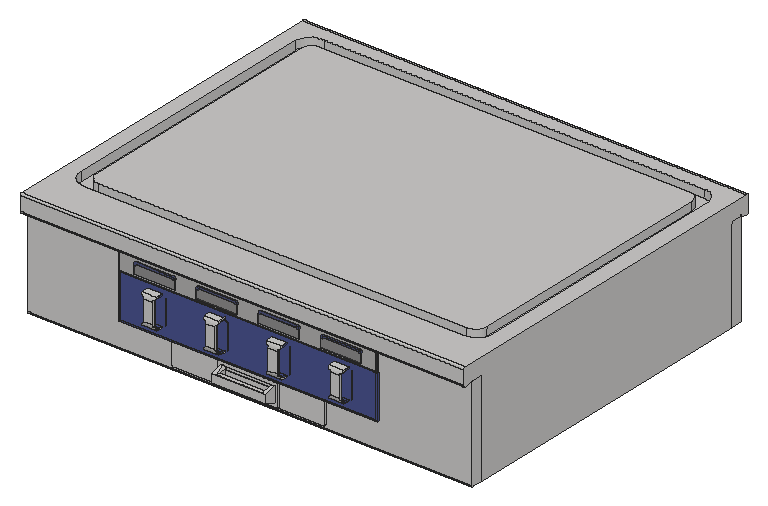
Revit family "QF_ELECTROLUXPROFESSIONAL_588009_MALDAAHOAO", category Specialty Equipment, Revit 2018
Family settings
  Round Connector Dimension = Use Diameter
  Part Type = Normal
  Work Plane-Based = No
  Always vertical = Yes
  Cut with Voids When Loaded = No
  Shared = No
  Room Calculation Point = No
Parameters
  Weight in Pounds = 253.5  # constant formula
  Watts = 12000 VA  # 12000 W
  Volts = 400 V  # constant formula
  URL Cutsheet = ""
  Type Mark [instance] = ""
  Status [instance] = ""
  Specification by User [instance] = ""
  Specification by Manufacturer = ""
  Show Clearance [instance] = yes
  Serial Number = ""
  Seismic Rating = ""
  SMACNA No = ""
  Revision Code [instance] = ""
  Phase = 3  # constant formula
  Omniclass Number and Title = ""
  Number of Poles [instance] = 1
  NAFEM Spec ID Number = ""
  Model = "588009"
  Min Ckt Ampacity = 0 A
  Max Overcurrent Protection = 0 A
  Masterspec = ""
  Manufacturer = "ELECTROLUX"
  Item Number [instance] = ""
  Installed By [instance] = ""
  Identify Quantity as Lot [instance] = yes
  HP = "16.1 HP"
  Furnished By [instance] = ""
  Foodservice Equipment Identifier [instance] = yes
  FL Amps [instance] = if(Phase = 3, Watts / (Volts * 1.73), Watts / Volts)  # 17.341 A
  Electrical Remarks = "400 V/3N ph/50/60 Hz"  # constant formula
  Electric Connection Type [instance] = ""
  Elec Conn RI Height [instance] = 0 mm
  Elec Conn Connection Height [instance] = 0 mm
  Direct Waste Size = 0"
  Description = "EL.SOLID TOP,4 ZONE,ECO,1S,1000X800X250H"
  Cycle [instance] = if([60 Hertz Option], 60 Hz, 50 Hz)  # 60 Hz
  Conn Plug = ""
  Conn Conduit = yes
  CSI MasterFormat = ""
  CSI Master Format = ""
  Back Panel [instance] = yes
  Apparent Power [instance] = if(Phase = 3, Volts * FL Amps * 1.73, Volts * FL Amps)  # 12000 VA
  60 Hertz Option [instance] = not([50 Hertz Option])  # yes
  50 Hertz Option [instance] = no
Reference planes
  plane 1 "BACK": y = 0
  plane 2: z = 0
  plane 3 "LEFT": x = 0
  plane 4 "RIGHT": x = 1000
  plane 5 "FRONT": y = -800
  plane 6 "TOP": z = 250
  plane 7: x = 500
  plane 8: y = -400
  plane 9: y = -1230
Forms (mm)
  Extrusion 1, solid, material "QF_Finishes_Stainless Steel"
    sketch origin (0, -487.128, 0) x (0, 1, 0) y (0, 0, 1)
      loop
        line (483.128, 250) -> (-308.872, 250)
        arc (-308.872, 250) -> (-311.7, 248.828) -> (-312.872, 246) r 4
        line (-312.872, 246) -> (-312.872, 214)
        arc (-312.872, 214) -> (-311.443, 210.936) -> (-308.177, 210.061) r 4
        line (-308.177, 210.061) -> (-291.509, 213) -> (-266.872, 213) -> (-266.872, 0) -> (441.128, 0) -> (441.128, 213) -> (465.765, 213) -> (482.433, 210.061)
        arc (482.433, 210.061) -> (485.699, 210.936) -> (487.128, 214) r 4
        line (487.128, 214) -> (487.128, 246)
        arc (487.128, 246) -> (485.956, 248.828) -> (483.128, 250) r 4
    from 0 to 1000
  Extrusion 2, solid, material "QF_Finishes_Stainless Steel", visible <- "Back Panel"
    sketch origin (0, 0, 0) x (0, 1, 0) y (0, 0, 1)
      loop
        line (-46, 0) -> (-20, 0) -> (-20, 215)
        arc (-20, 215) -> (-20.586, 213.586) -> (-22, 213) r 2
        line (-22, 213) -> (-46, 213) -> (-46, 0)
    from 0 to 1000
  Extrusion 3, void
    sketch origin (653.786, 44.048, 250) x (1, 0, 0) y (0, -1, 0)
      loop
        line (274.614, 755.048) -> (-582.186, 755.048)
        arc (-582.186, 755.048) -> (-608.349, 744.211) -> (-619.186, 718.048) r 37
        line (-619.186, 718.048) -> (-619.186, 115.648)
        arc (-619.186, 115.648) -> (-608.349, 89.485) -> (-582.186, 78.648) r 37
        line (-582.186, 78.648) -> (274.614, 78.648)
        arc (274.614, 78.648) -> (300.777, 89.485) -> (311.614, 115.648) r 37
        line (311.614, 115.648) -> (311.614, 718.048)
        arc (311.614, 718.048) -> (300.777, 744.211) -> (274.614, 755.048) r 37
    from 0 to 19.1
  Extrusion 4, solid, material "QF_Finishes_Stainless Steel"
    sketch origin (0, -754, 0) x (1, 0, 0) y (0, -1, 0)
      loop
        circle (955, -169) r 6.35
    from 0 to 3.2
  Extrusion 5, solid, material "QF_Finishes_Stainless Steel"
    sketch origin (653.786, 44.048, 230.9) x (1, 0, 0) y (0, 1, 0)
      loop
        line (260.814, -104.048) -> (-568.386, -104.048)
        arc (-568.386, -104.048) -> (-586.347, -111.488) -> (-593.786, -129.448) r 25.4
        line (-593.786, -129.448) -> (-593.786, -704.248)
        arc (-593.786, -704.248) -> (-586.347, -722.209) -> (-568.386, -729.648) r 25.4
        line (-568.386, -729.648) -> (260.814, -729.648)
        arc (260.814, -729.648) -> (278.774, -722.209) -> (286.214, -704.248) r 25.4
        line (286.214, -704.248) -> (286.214, -129.448)
        arc (286.214, -129.448) -> (278.774, -111.488) -> (260.814, -104.048) r 25.4
    from 0 to 19.1
  Extrusion 6, solid, material "QF_Door-Drawer Clearances", visible <- "Show Clearance", detail levels coarse
    sketch origin (537.31, -781.593, 8.62) x (0, 0, 1) y (-1, 0, 0)
      loop
        line (1.973, -134.295) -> (49.317, -134.295)
        arc (49.317, -134.295) -> (50.776, -133.691) -> (51.38, -132.232) r 2.063
        line (51.38, -132.232) -> (51.38, 206.852)
        arc (51.38, 206.852) -> (50.88, 208.549) -> (49.541, 209.705) r 3.133
        line (49.541, 209.705) -> (3.067, 209.705)
        arc (3.067, 209.705) -> (0.898, 208.807) -> (0, 206.638) r 3.067
        line (0, 206.638) -> (0, -132.322)
        arc (0, -132.322) -> (0.578, -133.717) -> (1.973, -134.295) r 1.973
    from 0 to 448.407
Cuts and joins
  Extrusion 3 cuts Extrusion 1
Lines and regions (mm)
  symbolic lines
    curve 1: line (0, 0, 0) -> (1000, 0, 0)
    curve 2: line (0, -800, 0) -> (0, 0, 0)
    curve 3: line (1000, -800, 0) -> (0, -800, 0)
    curve 4: line (1000, 0, 0) -> (1000, -800, 0)
    curve 16: line (914.6, -60, 0) -> (85.4, -60, 0)
    curve 17: arc (85.4, -60, 0) -> (67.439, -67.439, 0) -> (60, -85.4, 0) r 25.4
    curve 18: line (60, -85.4, 0) -> (60, -660.2, 0)
    curve 19: arc (60, -660.2, 0) -> (67.439, -678.161, 0) -> (85.4, -685.6, 0) r 25.4
    curve 20: line (85.4, -685.6, 0) -> (914.6, -685.6, 0)
    curve 21: arc (914.6, -685.6, 0) -> (932.561, -678.161, 0) -> (940, -660.2, 0) r 25.4
    curve 22: line (940, -660.2, 0) -> (940, -85.4, 0)
    curve 23: arc (940, -85.4, 0) -> (932.561, -67.439, 0) -> (914.6, -60, 0) r 25.4
    curve 24: line (273.641, -802.326, 0) -> (273.641, -800, 0)
    curve 25: spline (279.31, -803.73, 0) -> (278.831, -803.657, 0) -> (278.353, -803.575, 0) -> (277.876, -803.486, 0) -> (277.4, -803.389, 0) -> (276.925, -803.283, 0) -> (276.452, -803.17, 0) -> (275.98, -803.049, 0) -> (275.509, -802.92, 0) -> (275.039, -802.783, 0) -> (274.572, -802.638, 0) -> (274.105, -802.486, 0) -> (273.641, -802.326, 0)
    curve 26: line (305.857, -802.326, 0) -> (305.857, -800, 0)
    curve 27: spline (305.857, -802.326, 0) -> (305.392, -802.486, 0) -> (304.926, -802.638, 0) -> (304.458, -802.783, 0) -> (303.989, -802.92, 0) -> (303.518, -803.049, 0) -> (303.046, -803.17, 0) -> (302.572, -803.283, 0) -> (302.098, -803.389, 0) -> (301.622, -803.486, 0) -> (301.145, -803.575, 0) -> (300.667, -803.657, 0) -> (300.188, -803.73, 0)
    curve 28: line (279.31, -803.73, 0) -> (300.188, -803.73, 0)
    curve 29: line (413.892, -802.326, 0) -> (413.892, -800, 0)
    curve 30: spline (419.561, -803.73, 0) -> (419.082, -803.657, 0) -> (418.604, -803.575, 0) -> (418.127, -803.486, 0) -> (417.651, -803.389, 0) -> (417.177, -803.283, 0) -> (416.703, -803.17, 0) -> (416.231, -803.049, 0) -> (415.76, -802.92, 0) -> (415.29, -802.783, 0) -> (414.823, -802.638, 0) -> (414.357, -802.486, 0) -> (413.892, -802.326, 0)
    curve 31: line (446.108, -802.326, 0) -> (446.108, -800, 0)
    curve 32: spline (446.108, -802.326, 0) -> (445.643, -802.486, 0) -> (445.177, -802.638, 0) -> (444.71, -802.783, 0) -> (444.24, -802.92, 0) -> (443.769, -803.049, 0) -> (443.297, -803.17, 0) -> (442.823, -803.283, 0) -> (442.349, -803.389, 0) -> (441.873, -803.486, 0) -> (441.396, -803.575, 0) -> (440.918, -803.657, 0) -> (440.439, -803.73, 0)
    curve 33: line (419.561, -803.73, 0) -> (440.439, -803.73, 0)
    curve 34: line (726.359, -802.326, 0) -> (726.359, -800, 0)
    curve 35: spline (720.69, -803.73, 0) -> (721.169, -803.657, 0) -> (721.647, -803.575, 0) -> (722.124, -803.486, 0) -> (722.6, -803.389, 0) -> (723.075, -803.283, 0) -> (723.548, -803.17, 0) -> (724.02, -803.049, 0) -> (724.491, -802.92, 0) -> (724.961, -802.783, 0) -> (725.428, -802.638, 0) -> (725.895, -802.486, 0) -> (726.359, -802.326, 0)
    curve 36: line (694.143, -802.326, 0) -> (694.143, -800, 0)
    curve 37: spline (694.143, -802.326, 0) -> (694.608, -802.486, 0) -> (695.074, -802.638, 0) -> (695.542, -802.783, 0) -> (696.011, -802.92, 0) -> (696.482, -803.049, 0) -> (696.954, -803.17, 0) -> (697.428, -803.283, 0) -> (697.902, -803.389, 0) -> (698.378, -803.486, 0) -> (698.855, -803.575, 0) -> (699.333, -803.657, 0) -> (699.812, -803.73, 0)
    curve 38: line (720.69, -803.73, 0) -> (699.812, -803.73, 0)
    curve 39: line (586.108, -802.326, 0) -> (586.108, -800, 0)
    curve 40: spline (580.439, -803.73, 0) -> (580.918, -803.657, 0) -> (581.396, -803.575, 0) -> (581.873, -803.486, 0) -> (582.349, -803.389, 0) -> (582.823, -803.283, 0) -> (583.297, -803.17, 0) -> (583.769, -803.049, 0) -> (584.24, -802.92, 0) -> (584.71, -802.783, 0) -> (585.177, -802.638, 0) -> (585.643, -802.486, 0) -> (586.108, -802.326, 0)
    curve 41: line (553.892, -802.326, 0) -> (553.892, -800, 0)
    curve 42: spline (553.892, -802.326, 0) -> (554.357, -802.486, 0) -> (554.823, -802.638, 0) -> (555.29, -802.783, 0) -> (555.76, -802.92, 0) -> (556.231, -803.049, 0) -> (556.703, -803.17, 0) -> (557.177, -803.283, 0) -> (557.651, -803.389, 0) -> (558.127, -803.486, 0) -> (558.604, -803.575, 0) -> (559.082, -803.657, 0) -> (559.561, -803.73, 0)
    curve 43: line (580.439, -803.73, 0) -> (559.561, -803.73, 0)
    curve 44: line (446.108, -800, 0) -> (447.685, -808.767, 0)
    curve 45: line (447.685, -808.767, 0) -> (550.042, -808.767, 0)
    curve 46: line (550.042, -808.767, 0) -> (551.62, -800, 0)
  symbolic lines, style "QF_Door-Drawer Clearances"
    curve 5: line (327.605, -1230, 0) -> (327.605, -800, 0)
    curve 6: line (327.605, -1230, 0) -> (671.605, -1230, 0)
    curve 7: line (671.605, -1230, 0) -> (671.605, -800, 0)
  symbolic lines, style "SpecialityEquipment"
    curve 8: line (71.6, -34.6, 0) -> (928.4, -34.6, 0)
    curve 9: arc (928.4, -34.6, 0) -> (954.563, -45.437, 0) -> (965.4, -71.6, 0) r 37
    curve 10: line (965.4, -71.6, 0) -> (965.4, -672.524, 0)
    curve 11: arc (965.4, -672.524, 0) -> (954.131, -699.731, 0) -> (926.924, -711, 0) r 38.476
    curve 12: line (926.924, -711, 0) -> (71.6, -711, 0)
    curve 13: arc (71.6, -711, 0) -> (45.437, -700.163, 0) -> (34.6, -674, 0) r 37
    curve 14: line (34.6, -674, 0) -> (34.6, -71.6, 0)
    curve 15: arc (34.6, -71.6, 0) -> (45.437, -45.437, 0) -> (71.6, -34.6, 0) r 37
Dimensions and locks
  plane 3 "LEFT" to plane 4 "RIGHT" = 1000 mm
  plane 5 "FRONT" to plane 1 "BACK" = 800 mm
  equal spacing: plane 3 "LEFT", plane 7, plane 4 "RIGHT"
  equal spacing: plane 5 "FRONT", plane 8, plane 1 "BACK"
  plane 6 "TOP" to level = 250 mm  (x2)
  plane 1 "BACK" to plane 5 "FRONT" = 800 mm
  Extrusion 4 sketch curve to plane 1 "BACK" = 585 mm
  Extrusion 4 sketch curve to plane 4 "RIGHT" = 45 mm
  locked: plane 5 "FRONT" to plane 9 at 430
  aligned and locked: level to plane 2
  aligned and locked: cut or joined group of Extrusion 1, Extrusion 3 to plane 4 "RIGHT"
  aligned and locked: Extrusion 2 to plane 4 "RIGHT"
  aligned and locked: plane 7 to nested 1
Automatic sketch dimensions
  Extrusion 2 sketch curve to Extrusion 2 sketch curve = 26 mm
  plane 1 "BACK" to Extrusion 2 sketch curve = 22 mm
  Extrusion 2 sketch curve to Extrusion 2 sketch curve = 2 mm
  level to Extrusion 2 sketch curve = 213 mm
  Extrusion 1 sketch curve to plane 5 "FRONT" = 0 mm
  Extrusion 1 sketch curve to plane 6 "TOP" = 0 mm
  Extrusion 1 sketch curve to level = 0 mm
  Extrusion 1 sketch curve to plane 1 "BACK" = 0 mm
  Extrusion 1 sketch curve to plane 6 "TOP" = 37 mm  (x2)
  Extrusion 1 sketch curve to plane 5 "FRONT" = 4 mm
  Extrusion 1 sketch curve to plane 5 "FRONT" = 21.363 mm
  Extrusion 1 sketch curve to plane 5 "FRONT" = 46 mm
  plane 1 "BACK" to Extrusion 1 sketch curve = 21.363 mm
  plane 1 "BACK" to Extrusion 1 sketch curve = 4 mm  (x2)
  Extrusion 1 sketch curve to Extrusion 1 sketch curve = 4 mm
  Extrusion 1 sketch curve to Extrusion 1 sketch curve = 0.695 mm
  Extrusion 1 sketch curve to Extrusion 1 sketch curve = 0 mm  (x4)
  plane 1 "BACK" to Extrusion 1 sketch curve = 4.695 mm
  Extrusion 1 sketch curve to Extrusion 1 sketch curve = 1 mm  (x2)
  plane 1 "BACK" to Extrusion 1 sketch curve = 46 mm
  plane 5 "FRONT" to curve 5 = 0 mm
  plane 5 "FRONT" to curve 7 = 0 mm
  plane 3 "LEFT" to curve 5 = 327.605 mm
  plane 7 to curve 7 = 171.605 mm
  curve 5 to curve 5 = 430 mm
  level to Extrusion 6 sketch curve = 8.62 mm
  level to Extrusion 6 sketch curve = 57.937 mm
  plane 7 to Extrusion 6 sketch curve = 171.605 mm
  Extrusion 6 sketch curve to Extrusion 6 sketch curve = 1.973 mm
  Extrusion 6 sketch curve to Extrusion 6 sketch curve = 3.067 mm
  Extrusion 6 sketch curve to Extrusion 6 sketch curve = 46.474 mm
  Extrusion 6 sketch curve to Extrusion 6 sketch curve = 2.063 mm
  Extrusion 6 sketch curve to Extrusion 6 sketch curve = 3.133 mm
  plane 3 "LEFT" to Extrusion 6 sketch curve = 330.672 mm
  plane 3 "LEFT" to curve 14 = 34.6 mm
  curve 14 to curve 18 = 25.4 mm
  curve 17 to curve 15 = 11.6 mm
  curve 19 to curve 13 = 11.6 mm
  curve 13 to curve 19 = 13.8 mm
  curve 15 to curve 17 = 13.8 mm
  plane 7 to curve 16 = 414.6 mm
  plane 7 to curve 21 = 414.6 mm
  curve 20 to curve 12 = 12.324 mm
  curve 16 to curve 9 = 13.8 mm
  curve 9 to curve 23 = 11.6 mm  (x2)
  curve 13 to plane 5 "FRONT" = 89 mm
  curve 20 to curve 11 = 13.076 mm
  plane 1 "BACK" to curve 23 = 85.4 mm
  curve 18 to curve 14 = 13.8 mm
  Extrusion 1 to Extrusion 3 sketch curve = 34.6 mm  (x2)
  Extrusion 1 to Extrusion 3 sketch curve = 85 mm
  Extrusion 3 sketch curve to Extrusion 3 sketch curve = 37 mm  (x4)
  Extrusion 1 to Extrusion 3 sketch curve = 30.6 mm
  Extrusion 5 sketch curve to Extrusion 3 = 25.4 mm  (x4)
  Extrusion 5 sketch curve to Extrusion 5 sketch curve = 25.4 mm  (x4)
  plane 1 "BACK" to curve 1 = 0 mm
  curve 1 to plane 4 "RIGHT" = 0 mm
  curve 3 to plane 3 "LEFT" = 0 mm
  plane 5 "FRONT" to curve 3 = 0 mm
  plane 7 to curve 34 = 226.359 mm
  curve 34 to curve 35 = 5.669 mm
  curve 35 to curve 35 = 4.17 mm
  curve 35 to curve 37 = 12.538 mm
  curve 37 to curve 37 = 4.17 mm
  curve 38 to curve 36 = 5.669 mm
  plane 7 to curve 39 = 86.108 mm
  curve 39 to curve 40 = 5.669 mm
  curve 40 to curve 40 = 4.17 mm
  curve 40 to curve 42 = 12.538 mm
  curve 42 to curve 43 = 4.17 mm
  curve 42 to curve 41 = 5.669 mm
  curve 41 to curve 46 = 2.272 mm
  curve 42 to curve 45 = 3.85 mm
  curve 45 to plane 7 = 52.315 mm
  curve 44 to curve 32 = 1.578 mm
  curve 31 to curve 32 = 5.669 mm
  curve 31 to curve 32 = 9.839 mm
  curve 32 to curve 30 = 12.538 mm
  curve 30 to curve 30 = 4.17 mm
  curve 30 to curve 30 = 5.669 mm
  curve 29 to curve 26 = 108.035 mm
  curve 26 to curve 28 = 5.669 mm
  curve 27 to curve 27 = 4.17 mm
  curve 27 to curve 25 = 12.538 mm
  curve 25 to curve 25 = 4.17 mm
  curve 25 to curve 24 = 5.669 mm
  curve 32 to plane 5 "FRONT" = 39.101 mm
  curve 35 to curve 34 = 39.101 mm
  curve 25 to plane 5 "FRONT" = 39.101 mm
  curve 42 to plane 5 "FRONT" = 39.101 mm
  curve 30 to curve 32 = 0 mm
  curve 42 to curve 40 = 0 mm
  curve 37 to curve 35 = 0 mm
  curve 25 to curve 27 = 0 mm
  curve 29 to curve 30 = 2.326 mm
  curve 31 to curve 31 = 2.326 mm
  curve 39 to curve 40 = 2.326 mm
  curve 26 to curve 26 = 2.326 mm
  curve 36 to curve 37 = 2.326 mm
  curve 41 to curve 42 = 2.326 mm
  curve 34 to curve 35 = 1.405 mm
  curve 39 to curve 43 = 1.405 mm
  curve 26 to curve 27 = 1.405 mm
  curve 24 to curve 28 = 1.405 mm
  curve 36 to curve 37 = 1.405 mm
  curve 29 to curve 33 = 1.405 mm
  curve 42 to curve 45 = 6.441 mm
  Extrusion 2 sketch curve to level = 0 mm
  radius of Extrusion 4 sketch curve = 6.35 mm
Nested families
  nested 1: "EST_800_1000 Front Panel Four Controls" at (-100, -754, -650), type "EST_800_1000 Front Panel Four Controls"
Connectors
  electrical at (955, -585, -3.2), driven by "Volts", driven by "Watts"
    settings: on Extrusion 4, index 1, voltage 400 V, apparent load 12000 VA, apparent load phase1 0 VA, apparent load phase2 0 VA, apparent load phase3 0 VA, power factor 1, load classification "Other", number of poles 1, system type 30, power factor state 1, is connector primary yes, connector utility no, sub classification motor no, connector description "ELECTRICAL CONNECTION"
Definition of nested family "EST_800_1000 Front Panel Four Controls"
  Parameters
    Keynote = ""
  Reference planes
    plane 1 "Center (Front/Back)": y = 0
    plane 2: z = 0
    plane 3 "Center (Left/Right)": x = 100
    plane 4: x = 600
    plane 5: x = 389.749
    plane 6: x = 530
    plane 7: x = 670.079
    plane 8: x = 809.948
  Forms (mm)
    Extrusion 1, void
      sketch origin (1213.217, 829.203, -1.25) x (1, 0, 0) y (0, 0, 1)
        loop
          line (-321.217, 853.25) -> (-905.217, 853.25) -> (-905.217, 711.25) -> (-321.217, 711.25) -> (-321.217, 853.25)
      from 843.409 to 854.203
    Extrusion 2, solid
      sketch origin (1133.217, 829.203, -1.25) x (0, 1, 0) y (0, 0, 1)
        loop
          arc (-854.203, 654.25) -> (-853.324, 652.129) -> (-851.203, 651.25) r 3
          line (-851.203, 651.25) -> (-829.203, 651.25) -> (-829.203, 864.25) -> (-854.203, 864.25) -> (-854.203, 654.25)
      from -1033.217 to -33.217
  Dimensions and locks
    aligned and locked: plane 4 to nested 6
  Nested families
    nested 1: "1200 Glass Panel with Four Reads" at (308, -30, 5.811), type "1200 Glass Panel with Four Reads"
    nested 2: "Sml  Range Control Handle" at (389.749, -26.645, -204.867), type "Sml  Range Control Handle"
    nested 3: "Sml  Range Control Handle" at (529.638, -26.645, -204.867), type "Sml  Range Control Handle"
    nested 4: "Sml  Range Control Handle" at (670.079, -26.645, -204.867), type "Sml  Range Control Handle"
    nested 5: "Sml  Range Control Handle" at (810.079, -26.645, -204.867), type "Sml  Range Control Handle"
    nested 6: "grease trap door1" at (667.599, -25, 0.608) x (-1, 0, 0) z (0, 0, 1), type "grease trap door"
  Definition of nested family "1200 Glass Panel with Four Reads"
    Reference planes
      plane 1 "Center (Front/Back)": y = 0
      plane 2: z = 0
      plane 3 "Center (Left/Right)": x = 0
      plane 4: x = 584
      plane 5: x = 581.091
      plane 6 "Top": z = 846.189
      plane 7 "Center": x = 292
    Forms (mm)
      Extrusion 1, solid
        sketch origin (550.286, 304.8, -4.308) x (1, 0, 0) y (0, 0, 1)
          loop
            line (-550.286, 806.791) -> (-550.286, 708.497) -> (33.714, 708.497) -> (33.714, 806.791) -> (-550.286, 806.791)
        from 300.031 to 304.8
      Extrusion 2, solid
        sketch origin (550.286, 304.8, -4.308) x (1, 0, 0) y (0, 0, 1)
          loop
            line (-550.286, 850.497) -> (-550.286, 806.791) -> (33.714, 806.791) -> (33.714, 850.497) -> (-550.286, 850.497)
        from 300.031 to 304.8
      Extrusion 3, void
        sketch origin (550.286, 304.8, -4.308) x (1, 0, 0) y (0, 0, 1)
          loop
            line (-547.628, 847.565) -> (-547.628, 710.699) -> (30.804, 710.699) -> (30.804, 847.565) -> (-547.628, 847.565)
        from 303.697 to 304.8
      Extrusion 4, solid, not visible
        sketch origin (550.286, 305.901, -4.308) x (1, 0, 0) y (0, 0, 1)
          loop
            line (-153.041, 812.62) -> (-153.041, 834.177) -> (-157.775, 834.177) -> (-159.574, 835.977) -> (-238.324, 835.977) -> (-240.124, 834.177) -> (-245.041, 834.177) -> (-245.041, 812.62) -> (-153.041, 812.62)
        from 304.798 to 306.745
      Extrusion 5, solid, not visible
        sketch origin (550.286, 305.901, -4.308) x (1, 0, 0) y (0, 0, 1)
          loop
            line (-240.027, 834.177) -> (-238.227, 835.977) -> (-159.594, 835.977) -> (-157.794, 834.177) -> (-153.083, 834.177)
            arc (-153.083, 834.177) -> (-154.26, 838.752) -> (-158.535, 840.763) r 5.549
            line (-158.535, 840.763) -> (-239.444, 840.763)
            arc (-239.444, 840.763) -> (-243.699, 838.747) -> (-244.835, 834.177) r 5.5
            line (-244.835, 834.177) -> (-240.027, 834.177)
        from 304.798 to 306.745
      Extrusion 6, solid
        sketch origin (700.989, 305.901, -4.308) x (1, 0, 0) y (0, 0, 1)
          loop
            line (-153.041, 812.62) -> (-153.041, 834.177) -> (-157.775, 834.177) -> (-159.574, 835.977) -> (-238.324, 835.977) -> (-240.124, 834.177) -> (-245.041, 834.177) -> (-245.041, 812.62) -> (-153.041, 812.62)
        from 304.798 to 306.745
      Extrusion 7, solid
        sketch origin (700.989, 305.901, -4.308) x (1, 0, 0) y (0, 0, 1)
          loop
            line (-240.027, 834.177) -> (-238.227, 835.977) -> (-159.594, 835.977) -> (-157.794, 834.177) -> (-153.083, 834.177)
            arc (-153.083, 834.177) -> (-154.26, 838.752) -> (-158.535, 840.763) r 5.549
            line (-158.535, 840.763) -> (-239.444, 840.763)
            arc (-239.444, 840.763) -> (-243.699, 838.747) -> (-244.835, 834.177) r 5.5
            line (-244.835, 834.177) -> (-240.027, 834.177)
        from 304.798 to 306.745
      Extrusion 8, solid
        sketch origin (560.989, 305.901, -4.308) x (1, 0, 0) y (0, 0, 1)
          loop
            line (-153.041, 812.62) -> (-153.041, 834.177) -> (-157.775, 834.177) -> (-159.574, 835.977) -> (-238.324, 835.977) -> (-240.124, 834.177) -> (-245.041, 834.177) -> (-245.041, 812.62) -> (-153.041, 812.62)
        from 304.798 to 306.745
      Extrusion 9, solid
        sketch origin (560.989, 305.901, -4.308) x (1, 0, 0) y (0, 0, 1)
          loop
            line (-240.027, 834.177) -> (-238.227, 835.977) -> (-159.594, 835.977) -> (-157.794, 834.177) -> (-153.083, 834.177)
            arc (-153.083, 834.177) -> (-154.26, 838.752) -> (-158.535, 840.763) r 5.549
            line (-158.535, 840.763) -> (-239.444, 840.763)
            arc (-239.444, 840.763) -> (-243.699, 838.747) -> (-244.835, 834.177) r 5.5
            line (-244.835, 834.177) -> (-240.027, 834.177)
        from 304.798 to 306.745
      Extrusion 10, solid
        sketch origin (700.989, 305.901, -4.308) x (1, 0, 0) y (0, 0, 1)
          loop
            line (-665.188, 812.62) -> (-573.188, 812.62) -> (-573.188, 834.177) -> (-578.105, 834.177) -> (-579.905, 835.977) -> (-658.655, 835.977) -> (-660.455, 834.177) -> (-665.188, 834.177) -> (-665.188, 812.62)
        from 304.798 to 306.745
      Extrusion 11, solid
        sketch origin (700.989, 305.901, -4.308) x (1, 0, 0) y (0, 0, 1)
          loop
            line (-578.203, 834.177) -> (-573.394, 834.177)
            arc (-573.394, 834.177) -> (-574.53, 838.747) -> (-578.786, 840.763) r 5.5
            line (-578.786, 840.763) -> (-659.695, 840.763)
            arc (-659.695, 840.763) -> (-663.97, 838.752) -> (-665.146, 834.177) r 5.549
            line (-665.146, 834.177) -> (-660.435, 834.177) -> (-658.636, 835.977) -> (-580.003, 835.977) -> (-578.203, 834.177)
        from 304.798 to 306.745
      Extrusion 12, solid
        sketch origin (560.989, 305.901, -4.308) x (1, 0, 0) y (0, 0, 1)
          loop
            line (-385.188, 812.62) -> (-293.188, 812.62) -> (-293.188, 834.177) -> (-298.105, 834.177) -> (-299.905, 835.977) -> (-378.655, 835.977) -> (-380.455, 834.177) -> (-385.188, 834.177) -> (-385.188, 812.62)
        from 304.798 to 306.745
      Extrusion 13, solid
        sketch origin (560.989, 305.901, -4.308) x (1, 0, 0) y (0, 0, 1)
          loop
            line (-298.203, 834.177) -> (-293.394, 834.177)
            arc (-293.394, 834.177) -> (-294.53, 838.747) -> (-298.786, 840.763) r 5.5
            line (-298.786, 840.763) -> (-379.695, 840.763)
            arc (-379.695, 840.763) -> (-383.97, 838.752) -> (-385.146, 834.177) r 5.549
            line (-385.146, 834.177) -> (-380.435, 834.177) -> (-378.636, 835.977) -> (-300.003, 835.977) -> (-298.203, 834.177)
        from 304.798 to 306.745
    Cuts and joins
      Extrusion 3 cuts Extrusion 1
      Extrusion 3 cuts Extrusion 2
    Lines and regions (mm)
      symbolic lines
        curve 1: line (0, 4.769, 0) -> (584, 4.769, 0)
    Dimensions and locks
      aligned and locked: Extrusion 1 to Extrusion 2
      aligned and locked: Extrusion 6 to Extrusion 7
      aligned and locked: Extrusion 8 to Extrusion 9
      aligned and locked: Extrusion 10 to Extrusion 11
      aligned and locked: Extrusion 12 to Extrusion 13
  Definition of nested family "Sml  Range Control Handle"
    Reference planes
      plane 1 "Center (Front/Back)": y = 0
      plane 2: z = 0
      plane 3 "Center (Left/Right)": x = 0
      plane 4: z = 971.092
    Forms (mm)
      Extrusion 1, solid
        sketch origin (-746.28, 380.497, 208.931) x (-1, 0, 0) y (0, 0, 1)
          loop
            line (-770.101, 786.798) -> (-770.101, 731.649)
            arc (-770.101, 731.649) -> (-769.759, 730.563) -> (-768.855, 729.87) r 1.893
            line (-768.855, 729.87) -> (-763.474, 727.911) -> (-729.81, 727.911) -> (-724.428, 729.87)
            arc (-724.428, 729.87) -> (-723.525, 730.563) -> (-723.183, 731.649) r 1.893
            line (-723.183, 731.649) -> (-723.183, 786.798)
            arc (-723.183, 786.798) -> (-723.529, 787.894) -> (-724.44, 788.593) r 1.91
            line (-724.44, 788.593) -> (-729.683, 790.819) -> (-763.601, 790.819) -> (-768.844, 788.593)
            arc (-768.844, 788.593) -> (-769.755, 787.894) -> (-770.101, 786.798) r 1.91
        from -382.35 to -378.852
      Sweep 2, solid
        path origin (-746.788, 380.496, 208.091) x (0, -1, 0) y (0, 0, 1)
          loop
            line (379.775, 793.281) -> (395.661, 791.048)
            arc (395.661, 791.048) -> (397.781, 787.377) -> (398.517, 783.202) r 12.207
            line (398.517, 783.202) -> (398.517, 737.368)
            arc (398.517, 737.368) -> (397.781, 733.193) -> (395.661, 729.522) r 12.207
            line (395.661, 729.522) -> (379.775, 727.289)
        profile origin (-746.788, -7.222, 1000.256) x (0, -0.139173, 0.990268) y (-1, 0, 0)
          loop
            line (0.782, -763.123) -> (0.782, -730.907) -> (-1.322, -730.907) -> (-1.322, -763.123) -> (0.782, -763.123)
      Sweep 3, solid
        path origin (-746.788, 380.715, 207.832) x (0, -1, 0) y (0, 0, 1)
          loop
            line (380.478, 795.442) -> (397.218, 793.09)
            arc (397.218, 793.09) -> (399.929, 788.473) -> (400.871, 783.202) r 15.207
            line (400.871, 783.202) -> (400.871, 737.584)
            arc (400.871, 737.584) -> (399.914, 732.274) -> (397.164, 727.633) r 15.207
            line (397.164, 727.633) -> (380.601, 725.305)
        profile origin (-746.788, -8.132, 1002.099) x (0, -0.139173, 0.990268) y (-1, 0, 0)
          loop
            line (0.782, -763.123) -> (0.782, -730.907) -> (-1.322, -730.907) -> (-1.322, -763.123) -> (0.782, -763.123)
      Extrusion 4, void
        sketch origin (889.253, 220.666, 207.993) x (1, 0, 0) y (0, 0, 1)
          loop
            line (-943.038, 816.854) -> (-943.038, 703.686) -> (-899.466, 734.196) -> (-899.466, 786.344) -> (-943.038, 816.854)
        from 230.636 to 242.25
      Extrusion 5, void
        sketch origin (-888.8, 220.666, 207.993) x (-1, 0, 0) y (0, 0, -1)
          loop
            line (-943.038, -816.854) -> (-899.466, -786.344) -> (-899.466, -734.196) -> (-943.038, -703.686) -> (-943.038, -816.854)
        from 230.636 to 242.25
      Extrusion 6, solid
        sketch origin (0, 0, 0) x (1, 0, 0) y (0, 0, 1)
          loop
            circle (0, 971.092) r 7.736
        from -3.137 to -1.645
    Cuts and joins
      Extrusion 4, Extrusion 5 cuts Sweep 3
      Extrusion 4, Extrusion 5 cuts Sweep 2
      joined: Extrusion 1, Extrusion 6
    Lines and regions (mm)
      symbolic lines
        curve 1: line (23.821, 1.645, 0) -> (-23.097, 1.645, 0)
        curve 2: line (16.334, -1.853, 0) -> (23.821, -1.853, 0)
        curve 3: line (-15.881, -19.189, 0) -> (-15.881, -1.853, 0)
        curve 4: line (-23.097, -1.853, 0) -> (-15.881, -1.853, 0)
        curve 5: line (16.334, -19.189, 0) -> (16.334, -1.853, 0)
        curve 6: spline (-15.881, -19.189, 0) -> (-15.417, -19.349, 0) -> (-14.951, -19.501, 0) -> (-14.483, -19.646, 0) -> (-14.014, -19.783, 0) -> (-13.543, -19.912, 0) -> (-13.071, -20.033, 0) -> (-12.597, -20.146, 0) -> (-12.122, -20.251, 0) -> (-11.646, -20.349, 0) -> (-11.169, -20.438, 0) -> (-10.691, -20.52, 0) -> (-10.213, -20.593, 0)
        curve 7: spline (10.666, -20.593, 0) -> (11.144, -20.52, 0) -> (11.622, -20.438, 0) -> (12.099, -20.349, 0) -> (12.575, -20.251, 0) -> (13.05, -20.146, 0) -> (13.524, -20.033, 0) -> (13.996, -19.912, 0) -> (14.467, -19.783, 0) -> (14.936, -19.646, 0) -> (15.404, -19.501, 0) -> (15.87, -19.349, 0) -> (16.334, -19.189, 0)
        curve 8: line (-10.213, -20.938, 0) -> (10.716, -20.938, 0)
        curve 9: line (-23.097, 1.645, 0) -> (-23.097, -1.853, 0)
        curve 10: line (23.821, 1.645, 0) -> (23.821, -1.853, 0)
    Dimensions and locks
      cut or joined group of Sweep 3, Extrusion 4, Extrusion 5 to cut or joined group of Sweep 3, Extrusion 4, Extrusion 5 = 71.686 mm
  Definition of nested family "grease trap door1"
    Reference planes
      plane 1 "Center (Front/Back)": y = 0
      plane 2: z = 0
      plane 3 "Center (Left/Right)": x = 0
    Forms (mm)
      Extrusion 1, solid
        sketch origin (1627.55, 854.203, -1.25) x (1, 0, 0) y (0, 0, 1)
          loop
            arc (-1627.55, 661.235) -> (-1626.972, 659.84) -> (-1625.577, 659.262) r 1.973
            line (-1625.577, 659.262) -> (-1494.325, 659.262)
            arc (-1494.325, 659.262) -> (-1492.156, 660.16) -> (-1491.258, 662.329) r 3.067
            line (-1491.258, 662.329) -> (-1491.258, 708.803)
            arc (-1491.258, 708.803) -> (-1492.414, 710.143) -> (-1494.111, 710.642) r 3.133
            line (-1494.111, 710.642) -> (-1625.486, 710.642)
            arc (-1625.486, 710.642) -> (-1626.945, 710.038) -> (-1627.55, 708.579) r 2.063
            line (-1627.55, 708.579) -> (-1627.55, 661.235)
        from 856.795 to 859.203
      Extrusion 2, solid
        sketch origin (445.874, 2476.61, 0) x (0, 1, 0) y (0, 0, 1)
          loop
            line (-2506.377, 675.273) -> (-2481.61, 667.505) -> (-2481.61, 700.995) -> (-2506.377, 693.227) -> (-2506.377, 675.273)
        from -437.68 to -317.68
      Extrusion 3, void
        sketch origin (1627.55, 854.203, -1.25) x (1, 0, 0) y (0, 0, 1)
          loop
            line (-1614.883, 703) -> (-1610.542, 695.433) -> (-1508.17, 695.433) -> (-1503.828, 703) -> (-1614.883, 703)
          loop
            line (-1614.883, 668) -> (-1502.669, 668) -> (-1507.01, 675.567) -> (-1610.542, 675.567) -> (-1614.883, 668)
        from 832.916 to 883.97
      Extrusion 4, void
        sketch origin (447.55, 854.203, -1.25) x (1, 0, 0) y (0, 0, 1)
          loop
            line (-430.542, 695.433) -> (-430.542, 675.567) -> (-328.17, 675.567) -> (-328.17, 695.433) -> (-430.542, 695.433)
        from 859.203 to 874.202
      Extrusion 5, solid
        sketch origin (1627.55, 854.203, -1.25) x (1, 0, 0) y (0, 0, 1)
          loop
            arc (-1731.556, 661.235) -> (-1730.978, 659.84) -> (-1729.583, 659.262) r 1.973
            line (-1729.583, 659.262) -> (-1390.623, 659.262)
            arc (-1390.623, 659.262) -> (-1388.454, 660.16) -> (-1387.556, 662.329) r 3.067
            line (-1387.556, 662.329) -> (-1387.556, 708.803)
            arc (-1387.556, 708.803) -> (-1388.712, 710.143) -> (-1390.409, 710.642) r 3.133
            line (-1390.409, 710.642) -> (-1729.493, 710.642)
            arc (-1729.493, 710.642) -> (-1730.952, 710.038) -> (-1731.556, 708.579) r 2.063
            line (-1731.556, 708.579) -> (-1731.556, 661.235)
        from 854.203 to 856.795
    Cuts and joins
      Extrusion 3 cuts Extrusion 1
      Extrusion 3, Extrusion 4 cuts Extrusion 2
      joined: Extrusion 1, Extrusion 2
    Lines and regions (mm)
      symbolic lines
        curve 1: line (0, -2.593, 0) -> (136.292, -2.593, 0)
        curve 2: line (17.557, -29.767, 0) -> (12.667, -2.593, 0)
        curve 3: line (17.557, -29.767, 0) -> (119.991, -29.767, 0)
        curve 4: line (119.991, -29.767, 0) -> (124.881, -2.593, 0)
        curve 5: line (68.146, -2.593, 0) -> (68.146, -29.767, 0)
      model lines
        curve 6: line (67.599, 0, 658.012) -> (67.599, 0, 709.392)
    Dimensions and locks
      aligned and locked: Extrusion 2 to Extrusion 1
      aligned and locked: Extrusion 3 to Extrusion 2
      aligned and locked: Extrusion 4 to Extrusion 1
